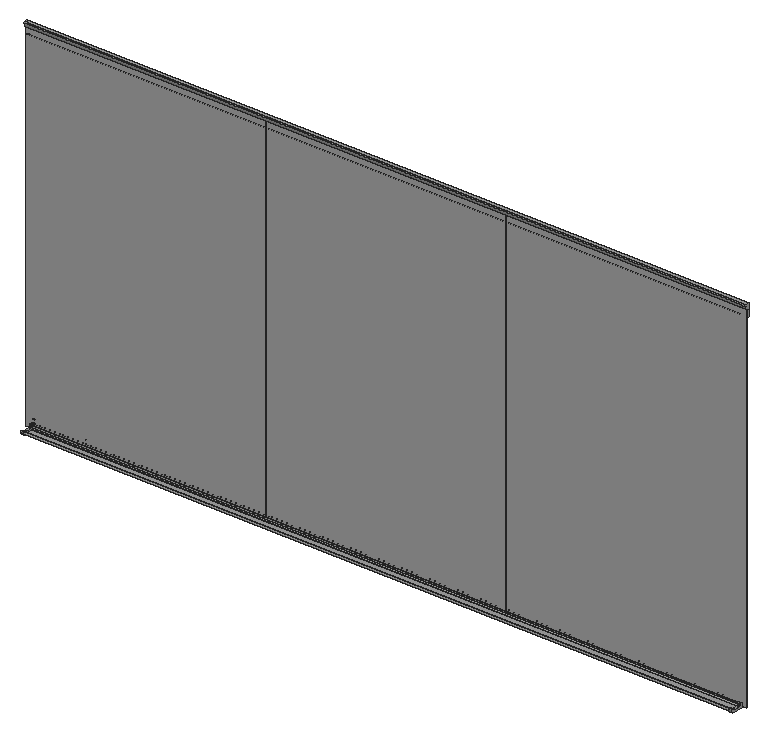
Revit family "Fluent Glass Wall 6x12", category Generic Models, Revit 2018
Family settings
  Can host rebar = No
  Round Connector Dimension = Use Diameter
  Part Type = Normal
  Work Plane-Based = No
  Always vertical = Yes
  Cut with Voids When Loaded = No
  Shared = No
  Room Calculation Point = No
Parameters
  Panel #3 = Fluent Glass Wall 6x12 Panel #3
  Panel #2 = Fluent Glass Wall 6x12 Panel #2
  Panel #1 = Fluent Glass Wall 6x12 Panel #1
Reference planes (in)
  plane 1 "Center (Front/Back)": y = 0
  plane 2: z = 0
  plane 3 "Center (Left/Right)": x = 0
Forms (in)
  Extrusion 1, solid, material "Fluent Glass Wall Trim Metal"
    sketch origin (-23.62205, 0, 0) x (0, 1, 0) y (0, 0, 1)
      loop
        line (-0.28802, 12.71551) -> (-0.28802, 12.22363) -> (-0.48802, 12.22363) -> (-0.48802, 12.77363) -> (-0.60087, 12.77363)
        arc (-0.60087, 12.77363) -> (-0.62209, 12.76485) -> (-0.63087, 12.74363) r 0.03
        line (-0.63087, 12.74363) -> (-0.63087, 12.45418)
        arc (-0.63087, 12.45418) -> (-0.67788, 12.32564) -> (-0.79672, 12.25776) r 0.19924
        arc (-0.79672, 12.25776) -> (-0.86084, 12.24904) -> (-0.92548, 12.24613) r 0.7187
        line (-0.92548, 12.24613) -> (-1.97548, 12.24613)
        arc (-1.97548, 12.24613) -> (-2.26159, 12.30205) -> (-2.50559, 12.4616) r 0.75985
        arc (-2.50559, 12.4616) -> (-2.80704, 12.55283) -> (-2.79142, 12.23827) r 0.19261
        arc (-2.79142, 12.23827) -> (-2.48945, 12.06146) -> (-2.14496, 12) r 0.99607
        line (-2.14496, 12) -> (0, 12) -> (0, 12.30193)
        arc (0, 12.30193) -> (-0.0275, 12.32943) -> (-0.055, 12.30193) r 0.0275
        line (-0.055, 12.30193) -> (-0.055, 12.20843) -> (-0.20802, 12.20843) -> (-0.20802, 12.69439) -> (-0.0848, 12.81762)
        arc (-0.0848, 12.81762) -> (-0.06815, 12.82253) -> (-0.055, 12.81121) r 0.01814
        line (-0.055, 12.81121) -> (-0.055, 12.65693)
        arc (-0.055, 12.65693) -> (-0.0275, 12.62943) -> (0, 12.65693) r 0.0275
        line (0, 12.65693) -> (0, 13.70847)
        arc (0, 13.70847) -> (-0.03996, 13.74843) -> (-0.07993, 13.70847) r 0.03996
        line (-0.07993, 13.70847) -> (-0.07993, 13.62094)
        arc (-0.07993, 13.62094) -> (-0.07047, 13.60109) -> (-0.05, 13.59302) r 0.03
        line (-0.05, 13.59302) -> (-0.05, 13.15338)
        arc (-0.05, 13.15338) -> (-0.07121, 13.14459) -> (-0.08, 13.12338) r 0.03
        line (-0.08, 13.12338) -> (-0.08, 12.92353) -> (-0.28802, 12.71551)
    from -46.26181 to 93.50591
  Extrusion 2, solid, material "Fluent Glass Wall Trim Metal"
    sketch origin (-23.62205, 0, 0) x (0, 1, 0) y (0, 0, 1)
      loop
        line (0, 83.35978) -> (-0.645, 83.35978)
        arc (-0.645, 83.35978) -> (-0.73852, 83.31739) -> (-0.76829, 83.21911) r 0.12436
        arc (-0.76829, 83.21911) -> (-0.57148, 82.66433) -> (-0.166, 82.23759) r 1.41542
        line (-0.166, 82.23759) -> (-0.166, 82.19574)
        arc (-0.166, 82.19574) -> (-0.16235, 82.17737) -> (-0.15194, 82.1618) r 0.048
        line (-0.15194, 82.1618) -> (-0.1, 82.10985) -> (-0.1, 81.00078)
        arc (-0.1, 81.00078) -> (-0.05, 80.95078) -> (0, 81.00078) r 0.05
        line (0, 81.00078) -> (0, 83.35978)
    from -47.24409 to 94.48819
  Extrusion 3, solid, material "Fluent Glass Wall 6x12 Panel #2" <- "Panel #2"
    sketch origin (-23.62205, 0, 0) x (0, 1, 0) y (0, 0, 1)
      loop
        line (-0.48802, 12.22363) -> (-0.28802, 12.22363) -> (-0.28802, 83.08978) -> (-0.48802, 83.08978) -> (-0.48802, 12.22363)
    from 0 to 47.24409
  Extrusion 4, solid, material "Fluent Glass Wall 6x12 Panel #1" <- "Panel #1"
    sketch origin (-23.62205, 0, 0) x (0, 1, 0) y (0, 0, -1)
      loop
        line (-0.48802, -12.22363) -> (-0.48802, -83.08978) -> (-0.28802, -83.08978) -> (-0.28802, -12.22363) -> (-0.48802, -12.22363)
    from 0 to 47.24409
  Extrusion 5, solid, material "Fluent Glass Wall Trim Black"
    sketch origin (-23.62205, 0, 0) x (0, 1, 0) y (0, 0, -1)
      loop
        line (-0.48802, -12.80488) -> (-0.48802, -11.96875) -> (-2.14496, -11.96875)
        arc (-2.14496, -11.96875) -> (-2.49924, -12.03177) -> (-2.81005, -12.2131) r 1.02732
        arc (-2.81005, -12.2131) -> (-2.82851, -12.57569) -> (-2.47857, -12.47895) r 0.22386
        arc (-2.47857, -12.47895) -> (-2.24646, -12.32965) -> (-1.97548, -12.27738) r 0.7286
        line (-1.97548, -12.27738) -> (-0.92548, -12.27738)
        arc (-0.92548, -12.27738) -> (-0.86355, -12.28017) -> (-0.80213, -12.28853) r 0.68745
        arc (-0.80213, -12.28853) -> (-0.70181, -12.34573) -> (-0.66212, -12.45418) r 0.16799
        line (-0.66212, -12.45418) -> (-0.66212, -12.74363)
        arc (-0.66212, -12.74363) -> (-0.64418, -12.78694) -> (-0.60087, -12.80488) r 0.06125
        line (-0.60087, -12.80488) -> (-0.48802, -12.80488)
    from 45.75863 to 46.29027
  Extrusion 6, solid, material "Fluent Glass Wall 6x12 Panel #3" <- "Panel #3"
    sketch origin (23.62205, 0, 0) x (0, 1, 0) y (0, 0, 1)
      loop
        line (-0.48802, 12.22363) -> (-0.28802, 12.22363) -> (-0.28802, 83.08978) -> (-0.48802, 83.08978) -> (-0.48802, 12.22363)
    from 0 to 47.24409
  Extrusion 7, solid, material "Fluent Glass Wall Trim Black"
    sketch origin (23.62205, 0, 0) x (0, 1, 0) y (0, 0, 1)
      loop
        line (-0.48802, 12.80488) -> (-0.60087, 12.80488)
        arc (-0.60087, 12.80488) -> (-0.64418, 12.78694) -> (-0.66212, 12.74363) r 0.06125
        line (-0.66212, 12.74363) -> (-0.66212, 12.45418)
        arc (-0.66212, 12.45418) -> (-0.70181, 12.34573) -> (-0.80213, 12.28853) r 0.16799
        arc (-0.80213, 12.28853) -> (-0.86355, 12.28017) -> (-0.92548, 12.27738) r 0.68745
        line (-0.92548, 12.27738) -> (-1.97548, 12.27738)
        arc (-1.97548, 12.27738) -> (-2.24646, 12.32965) -> (-2.47857, 12.47895) r 0.7286
        arc (-2.47857, 12.47895) -> (-2.82851, 12.57569) -> (-2.81005, 12.2131) r 0.22386
        arc (-2.81005, 12.2131) -> (-2.49924, 12.03177) -> (-2.14496, 11.96875) r 1.02732
        line (-2.14496, 11.96875) -> (-0.48802, 11.96875) -> (-0.48802, 12.80488)
    from 45.75863 to 46.29027
Dimensions and locks (in)
  aligned and locked: plane 2 to level
